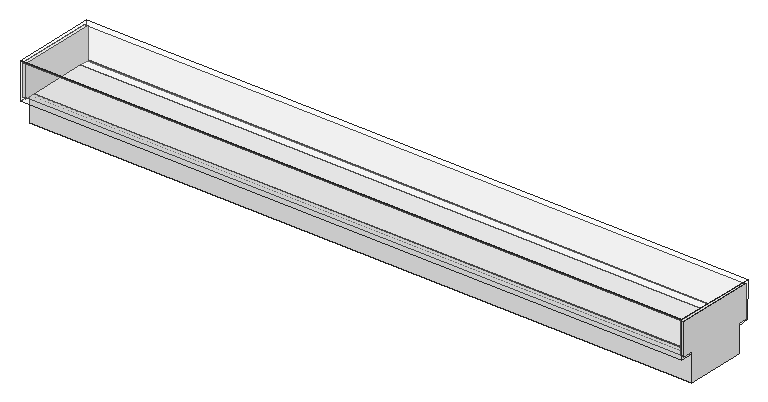
Revit family "LRO", category Lighting Fixtures, host Face, Revit 2012
Parameters (values of type "LRO4-35VL-EDU")
  Wattage = 105 W
  built-in parameter 1150110 = 1 (stored number, unit not read)
  Voltage = 120 V
  Wattage Comments = ""
  URL = "http://www.columbialighting.com/"
  built-in parameter 1114217 = 1 (stored number, unit not read)
  Tilt Angle = -90.00°
  built-in parameter 1150109 = 1 (stored number, unit not read)
  built-in parameter 1150134 = (empty or 0)
  built-in parameter 1150113 = 1 (stored number, unit not read)
  Product Page URL = "http://www.columbialighting.com/products/lro"
  Product Documentation Link = "http://www.columbialighting.com/content/products/specs/specs_files/lro.pdf"
  Photometric Web File = "LRO4-35VL-EDU.ies"
  Nominal Watts = 105 W
  Model = "LRO"  # constant formula
  Manufacturer Phone = "(864)-678-1000"  # constant formula
  Manufacturer Fax = "(866)-898-1065"  # constant formula
  Manufacturer = "Columbia Lighting"  # constant formula
  Row Length = 4.00 ft
  built-in parameter 1150105 = 1241.2 (stored number, unit not read)
  Lumens = 15596.9 lm
  built-in parameter 1150115 = 1 (stored number, unit not read)
  Lumen Output = "Very High Lumen"
  built-in parameter 1150137 = (empty or 0)
  built-in parameter 1150139 = (empty or 0)
  built-in parameter 1150112 = 1 (stored number, unit not read)
  built-in parameter 1150114 = 1 (stored number, unit not read)
  Lamp = "LED Lamp"
  built-in parameter 1150132 = (empty or 0)
  built-in parameter 1150102 = (empty or 0)
  built-in parameter 1150107 = 3500 (stored number, unit not read)
  built-in parameter 1150138 = (empty or 0)
  built-in parameter 1150106 = 12.412 (stored number, unit not read)
  Glass = White Glass
  Emit from Line Length = 1.00 ft
  built-in parameter 1150104 = 13.8 (stored number, unit not read)
  Driver = "0-10V Dimming"
  Dimming Lamp Color Temperature Shift = <None>
  Description = "This commercial grade LED lensed strip is available in 4' or 8' lengths, multiple lumen packages from 2,700 to 19,200 nominal, choice of LED color and an optional integral 1400 lumen battery pack."  # constant formula
  Default Elevation = 4.00 ft
  Color Filter = 16777215
  built-in parameter 1114218 = 1 (stored number, unit not read)
  Backbox = White
  built-in parameter 1150133 = 10 (stored number, unit not read)
  Apparent Load = 0 VA
Types (3, lengths in ft): name | Wattage | Photometric Web File | Nominal Watts | built-in parameter 1150105 | Lumens | Lumen Output | built-in parameter 1150106
  (no name) | 105 W | "LRO4-35VL-EDU.ies" | 105 W | 1241.2 (stored number, unit not read) | 15596.9 lm | "Very High Lumen" | 12.412 (stored number, unit not read)
  LRO4-35ML-EDU | 53 W | "LRO4-35ML-EDU.ies" | 53 W | 626.49 (stored number, unit not read) | 7872.72 lm | "Medium Lumen" | 6.2649 (stored number, unit not read)
  LRO4-35VL-EDU | 105 W | "LRO4-35VL-EDU.ies" | 105 W | 1241.2 (stored number, unit not read) | 15596.9 lm | "Very High Lumen" | 12.412 (stored number, unit not read)
Reference planes (ft)
  plane 1 "Center (Front/Back)": y = 0.003333
  plane 2: z = 0
  plane 3 "Center (Left/Right)": x = 0.13912
  plane 4: x = -1.86088
  plane 5: x = 2.13912
Dimensions and locks (ft)
  equal spacing: plane 5, plane 3 "Center (Left/Right)", plane 4
  "Row Length": plane 5 to plane 4
  aligned and locked: plane 2 to host face
  aligned and locked: level to host face
  aligned and locked: plane 3 "Center (Left/Right)" to nested 1
  aligned and locked: plane 1 "Center (Front/Back)" to nested 1
  aligned and locked: nested 1 to imposter light
  aligned and locked: plane 3 "Center (Left/Right)" to imposter light
  aligned and locked: imposter light to plane 1 "Center (Front/Back)"
Automatic sketch dimensions
  host sketch curve to host sketch curve = 8.00 ft  (x2)
Nested families (ft)
  nested 1: "LRO Light" at (0.309759, 0, 0), Glass <- "Glass", Backbox <- "Backbox", Row Length <- "Row Length", type "LRO Light"
    with Row Length 4.00 ft, Glass White Glass, Backbox White
Connectors (ft)
  electrical at (0.13912, 0.003333, 0), driven by "Voltage", driven by "Description"
    settings: on nested 1, index 1, voltage 120 V, apparent load 0 VA, apparent load phase1 0 VA, apparent load phase2 0 VA, apparent load phase3 0 VA, power factor 1, load classification "Other", number of poles 1, system type 30, power factor state 1, is connector primary yes, connector utility no, sub classification motor no, connector description "This commercial grade LED lensed strip is available in 4' or 8' lengths, multiple lumen packages from 2,700 to 19,200 nominal, choice of LED color and an optional integral 1400 lumen battery pack."
Definition of nested family "LRO Light"
  Parameters (values of type "LRO Light")
    Wattage Comments = ""
    URL = ""
    Row Length [instance] = 4.00 ft
    Product Page URL = ""
    Product Documentation Link = ""
    Model = ""
    Manufacturer Phone = "(864)-678-1000"  # constant formula
    Manufacturer Fax = "(866)-898-1065"  # constant formula
    Manufacturer = ""
    Lamp = ""
    Glass [instance] = White Glass
    Description = ""
    Default Elevation = 4.00 ft
    Backbox [instance] = White
  Reference planes (ft)
    plane 1 "Center (Front/Back)": y = 0.003333
    plane 2: z = 0
    plane 3 "Center (Left/Right)": x = -0.170639
    plane 4: x = -2.170639
    plane 5: x = 1.829361
    plane 6: x = -2.149806
    plane 7: x = 1.808527
    plane 8: z = 0.369792
    plane 9: y = 0.177812
    plane 10: y = -0.171147
    plane 11: z = 0.166667
    plane 12: z = 0.15
    plane 13: z = 0.353125
    plane 14: y = 0.253333
    plane 15: y = -0.246667
    plane 16: y = 0.237708
    plane 17: y = -0.231042
  Forms (ft)
    Extrusion 1, solid
      sketch origin (-0.170645, 0, 0.005297) x (1, 0, 0) y (0, 1, 0)
        loop
          line (-4, 4) -> (-4, -4) -> (4, -4) -> (4, 4) -> (-4, 4)
      from -0.005297 to -0.505297
    Extrusion 2, solid, material "White" <- "Backbox"
      sketch origin (-0.170639, 0, 0) x (0, 1, 0) y (0, 0, 1)
        loop
          line (0.177812, 0) -> (0.177812, 0.166667) -> (0.237708, 0.166667) -> (0.237708, 0.353125) -> (-0.231042, 0.353125) -> (-0.231042, 0.166667) -> (-0.171147, 0.166667) -> (-0.171147, 0) -> (0.177812, 0)
      from 1.979167 to 2
    Extrusion 3, solid, material "White" <- "Backbox"
      sketch origin (-0.170639, 0, 0) x (0, 1, 0) y (0, 0, 1)
        loop
          line (0.237708, 0.353125) -> (-0.231042, 0.353125) -> (-0.231042, 0.166667) -> (-0.171147, 0.166667) -> (-0.171147, 0) -> (0.177812, 0) -> (0.177812, 0.166667) -> (0.237708, 0.166667) -> (0.237708, 0.353125)
      from -1.979167 to -2
    Extrusion 4, solid, material "White Glass" <- "Glass"
      sketch origin (-0.170639, 0, 0) x (0, 1, 0) y (0, 0, 1)
        loop
          line (0.177812, 0.15) -> (0.253333, 0.15) -> (0.253333, 0.369792) -> (-0.246667, 0.369792) -> (-0.246667, 0.15) -> (-0.171147, 0.15) -> (-0.171147, 0.166667) -> (-0.231042, 0.166667) -> (-0.231042, 0.353125) -> (0.237708, 0.353125) -> (0.237708, 0.166667) -> (0.177812, 0.166667) -> (0.177812, 0.15)
      from -2 to 2
    Extrusion 5, solid, material "White" <- "Backbox"
      sketch origin (-0.170639, 0, 0) x (0, 1, 0) y (0, 0, 1)
        loop
          line (0.177812, 0.166667) -> (-0.171147, 0.166667) -> (-0.171147, 0) -> (0.177812, 0) -> (0.177812, 0.166667)
      from -1.979167 to 1.979167
  Cuts and joins
    joined: Extrusion 2, Extrusion 3, Extrusion 5
  Dimensions and locks (ft)
    equal spacing: plane 5, plane 3 "Center (Left/Right)", plane 4
    locked: plane 6 to plane 4 at 0.020833
    locked: plane 8 to Extrusion 1 at 0.369792
    "Row Length": plane 5 to plane 4
    equal spacing: plane 7, plane 3 "Center (Left/Right)", plane 6
    locked: plane 9 to plane 1 "Center (Front/Back)" at 0.174479
    locked: plane 11 to level at 0.166667
    locked: plane 11 to plane 12 at 0.016667
    locked: plane 8 to plane 13 at 0.016667
    locked: plane 9 to plane 10 at 0.348958
    plane 14 to plane 1 "Center (Front/Back)" to plane 15 = 0.25 ft locked, 0.25 ft locked
    locked: plane 14 to plane 16 at 0.015625
    locked: plane 17 to plane 15 at 0.015625
    plane 14 to plane 15 = 0.50 ft
    aligned and locked: plane 2 to Extrusion 1
    aligned and locked: level to Extrusion 1
    aligned and locked: Extrusion 2 sketch curve to plane 9
    aligned and locked: Extrusion 2 sketch curve to level
    aligned and locked: plane 10 to Extrusion 2 sketch curve
    aligned and locked: Extrusion 2 sketch curve to plane 11
    aligned and locked: Extrusion 2 sketch curve to Extrusion 2 sketch curve
    aligned and locked: plane 5 to Extrusion 2
    aligned and locked: Extrusion 2 to plane 7
    aligned and locked: plane 11 to Extrusion 3 sketch curve  (x2)
    aligned and locked: Extrusion 3 sketch curve to plane 10
    aligned and locked: plane 9 to Extrusion 3 sketch curve
    aligned and locked: level to Extrusion 3 sketch curve
    aligned and locked: plane 12 to Extrusion 4 sketch curve  (x2)
    aligned and locked: Extrusion 4 sketch curve to plane 8
    aligned and locked: Extrusion 4 sketch curve to plane 11  (x2)
    aligned and locked: Extrusion 4 sketch curve to plane 13
    aligned and locked: Extrusion 2 to Extrusion 5 sketch curve
    aligned and locked: Extrusion 5 sketch curve to Extrusion 2  (x3)
    aligned and locked: plane 7 to Extrusion 5
    aligned and locked: Extrusion 5 to plane 6
    aligned and locked: Extrusion 4 to plane 4
    aligned and locked: plane 5 to Extrusion 4
    aligned and locked: Extrusion 3 to plane 4
    aligned and locked: plane 6 to Extrusion 3
    aligned and locked: Extrusion 4 sketch curve to plane 10
    aligned and locked: plane 9 to Extrusion 4 sketch curve
    aligned and locked: plane 14 to Extrusion 4 sketch curve
    aligned and locked: plane 16 to Extrusion 4 sketch curve
    aligned and locked: Extrusion 4 sketch curve to plane 15
    aligned and locked: Extrusion 4 sketch curve to plane 17
    aligned and locked: Extrusion 3 sketch curve to plane 16
    aligned and locked: plane 17 to Extrusion 3 sketch curve
    aligned and locked: Extrusion 3 sketch curve to plane 13
    aligned and locked: Extrusion 2 sketch curve to plane 16
    aligned and locked: plane 17 to Extrusion 2 sketch curve
    aligned and locked: Extrusion 2 sketch curve to plane 13
  Automatic sketch dimensions
    Extrusion 1 sketch curve to Extrusion 1 sketch curve = 8.00 ft  (x2)
    Extrusion 2 sketch curve to plane 11 = 0.00 ft
